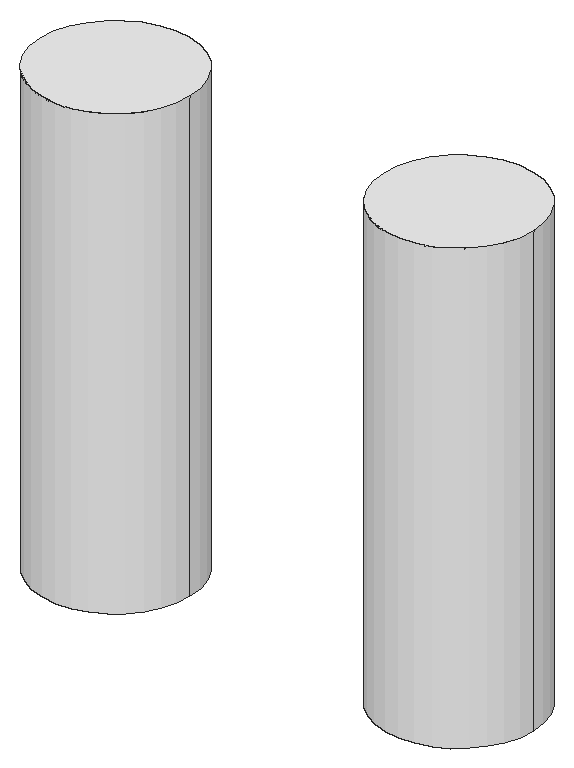
Revit family "54472207(2022)", category Plumbing Fixtures, Revit 2020
Family settings
  Round Connector Dimension = Use Diameter
  Part Type = Normal
  OmniClass Number = 23.45.55.00
  OmniClass Title = Sanitary Faucets, Wastes
  Work Plane-Based = No
  Always vertical = Yes
  Cut with Voids When Loaded = No
  Shared = No
  Room Calculation Point = No
Parameters (values of type "54472207 High washbasin faucet")
  Working Pressure = "50 - 1000 kPa"
  WarrantyStartDate [instance] = "n/a"
  WarrantyGuarantorParts = "n/a"
  WarrantyGuarantorLabor = "n/a"
  WarrantyDurationUnit = "Year"
  WarrantyDurationParts = "n/a"
  WarrantyDurationLabor = "n/a"
  WarrantyDescription = "http://warranty.hansa.com"
  Warranty Information URL = "http://warranty.hansa.com"
  VersionDate = "01/06/2023"
  Version = "1"
  ValvePattern = "n/a"
  ValveOperation = "n/a"
  ValveMechanism = "n/a"
  Uniclass2015Reference = "Pr_40_20_87_96"
  Uniclass2015Description = "Washbasin manual water supply sets"
  Uniclass2 = "Pr_40_30_96_96"
  URL UWL = "http://static.hansa.com/UWL/54472207"
  URL REACH = "http://static.hansa.com/doc/reach"
  URL Materials Declaration = "http://www.hansa.com/fileadmin/resources/168420_54472207_materialsdeclaration.pdf"
  URL Environmental Product Declaration EPD = "http://www.hansa.com/fileadmin/resources/184523_EPD_Washbasin faucet.pdf"
  URL EcoLabel Declaration = "http://static.hansa.com/doc/EcoLabel"
  URL EU Packaging Declaration = "http://static.hansa.com/doc/packaging"
  URL Declaration of SCIP = "http://static.hansa.com/doc/SCIP"
  URL Declaration of Conformity = "http://static.hansa.com/DoC/54472207"
  URL Declaration of Asbestos = "http://static.hansa.com/doc/asbestos"
  URL Declaration Of Performance (DOP) = "http://static.hansa.com/doc/DoP"
  URL = ""
  UNSPSC Class Number = "30181700 Faucets or taps"
  Type Comments = ""
  TestPressure = "n/a"
  Temperature Adjustments = "Limitation option for maximum temperature and flow-rate ;Adjustable hot water stop (included, retrofittable)"
  Technical DataSheet URL = "http://www.hansa.com/datasheet/54472207/en"
  TagNumber [instance] = "n/a"
  SustainabilityPerformance = "n/a"
  Surface treatment = "Chrome"
  Spout Type = "Fixed spout"
  Spout Projection = "168 mm"
  Spare-Part Information URL = "http://static.hansa.com/sp/54472207"
  Size = "50x205x320 mm"
  Shape = "Sculptured"
  SerialNumber [instance] = "n/a"
  Sales Package dimensions (LxWxH) = "620 x 330 x 90"
  Revision = "n/a"
  ReplacementCost = "n/a"
  ProductInformation = "n/a"
  Product URL = "http://static.hansa.com/54472207"
  Product Image URL = "http://static.hansa.com/image/54472207"
  Product Family = "HANSAVANTIS Style "
  Product Code = "54472207"
  OperatingMechanismMaterial = "n/a"
  NominalWidth = 50 mm
  NominalHeight = 317.696 mm
  NominalDepth = 204.007 mm
  Noise Class = "I (ISO 3822)"
  Name_en = "54472207 High washbasin faucet"
  Name = "54472207 High washbasin faucet"
  NBSReference = "45-35-70/371"
  NBSDescription = "Water supply fittings for wash basins and troughs"
  Mounting Holes = "1 hole"
  ModelReference = "54472207"
  ModelNumber = "n/a"
  Model = "54472207 High washbasin faucet"
  Mobile Product Information URL = "http://mpi.hansa.com/54472207"
  Mechanical Parts = "30Cartridge"
  Max. Hot Water Supply = 70 °C
  Material = "Brass"
  Market = "International;Germany;Austria;Belgium;Netherlands;Czech Republic;Slovakia;Italy"
  ManufacturerURL = "http://www.hansa.com"
  ManufacturerName = "HANSA"
  Manufacturer = "HANSA"
  Lever Handle = "Single operating lever/handle;Pin shape;Hot/Cold symbols"
  Keynote = ""
  Interactive AR View URL = "https://static.hansa.com/AR/54472207"
  InstallationDate [instance] = "n/a"
  Installation and Maintenance Guide URL = "http://static.hansa.com/manual/54472207"
  Installation Type = "Deck mounted"
  InletConnectionSize = 10 mm
  IfcExportType = "FAUCET"  # constant formula
  IfcExportAs = "IfcValveType"  # constant formula
  Group = "Washbasin faucet"
  Grade = "n/a"
  FlowCoefficient = 0
  Flow Rate At 300kPa With Flow Controller = 0.01 L/s
  Flow Drawing URL = "http://static.hansa.com/flowchart/54472207"
  Finish = "Polished"
  Features = "Single-lever"
  FaucetMainMaterial = Brass
  FDV Document URL = "http://www.hansa.com/datasheet/54472207/en/fdv"
  ExpectedLife = "n/a"
  Excluded Items = "Without pop-up waste"
  ETIM Class Number = "EC011328 Washbasin mixing tap"
  EN Standard = "EN 817"
  EAN Number = "4057304017483"
  DurationUnit = "Year"
  Dimension Drawing URL = "http://static.hansa.com/dimdrw/54472207"
  Description = ""
  DefaultElevation [instance] = 900 mm
  Default Elevation = 0 mm
  Constituents = "n/a"
  Connection Size = "G3/8"
  Connection = "Flexible inlet pipes"
  Color = "Chrome"
  CodePerformance = "n/a"
  CloseOffRating = 0
  Category = "Washbasin"
  Catalog Drawing URL = "http://static.hansa.com/catdrw/54472207"
  CO2 Emissions (D) = -8.01
  CO2 Emissions (C4) = 0.08
  CO2 Emissions (C3) = 0.02
  CO2 Emissions (C2) = 0.02
  CO2 Emissions (B7) = 1854
  CO2 Emissions (A4) = 0.31
  CO2 Emissions (A1-A3) = 11.27
  Brand = "HANSA"
  BodyMaterial = "Brass"
  Barcode [instance] = "n/a"
  Backflow Prevention EN1717 = "AA"
  BIMObjectName = "54472207(2022)"
  Author = "BIMStone"
  AssetType = "Fixed"
  AssetIdentifier [instance] = "n/a"
  Aerator = "Standard aerator;PCA® - constant flow rate regardless of pressure variations"
  Advanced Features = "Inner body made of DZR brass"
  AccessibilityPerformance = "n/a"
  3D View = "https://static.hansa.com/AR/54472207"
  2D/3D/BIM Files URL = "http://static.hansa.com/bim/54472207"
Reference planes
  plane 1 "Center (Front/Back)": y = 0
  plane 2: z = 0
  plane 3 "Center (Left/Right)": x = 0
  plane 4: x = -25
  plane 5: z = 900
  plane 6: z = 870
  plane 7: y = -204.007
  plane 8: x = 25
  plane 9: z = 1217.696
Forms (mm)
  Extrusion 1, solid, material "Brass" <- "FaucetMainMaterial"
    sketch origin (0, -2.393, 0) x (1, 0, 0) y (0, 1, 0)
      loop
        circle (-11.5, -22.5) r 5
      loop
        circle (11.5, -22.5) r 5
    from 870 to 900
Dimensions and locks
  "DefaultElevation": plane 5 to level
  locked: plane 5 to plane 6 at 30
  "NominalDepth": plane 7 to plane 1 "Center (Front/Back)"
  equal spacing: plane 4, plane 3 "Center (Left/Right)", plane 8
  "NominalHeight": plane 9 to plane 5
  "NominalWidth": plane 4 to plane 8
  "InletConnectionSize": diameter of Extrusion 1 sketch curve  (x2)
  aligned and locked: level to plane 2
  aligned and locked: plane 5 to Extrusion 1
  aligned and locked: Extrusion 1 to plane 6
  aligned and locked: nested 2 to plane 5
  aligned and locked: plane 1 "Center (Front/Back)" to nested 2
  aligned and locked: plane 3 "Center (Left/Right)" to nested 2
  aligned and locked: plane 3 "Center (Left/Right)" to nested 1
  aligned and locked: plane 1 "Center (Front/Back)" to nested 1
Automatic sketch dimensions
  Extrusion 1 sketch curve to plane 3 "Center (Left/Right)" = 11.5 mm
  plane 3 "Center (Left/Right)" to Extrusion 1 sketch curve = 11.5 mm
  plane 1 "Center (Front/Back)" to Extrusion 1 sketch curve = 24.893 mm  (x2)
Nested families
  nested 1: "Symbol" at (0, 0, 0), type "Symbol", detail levels coarse
  nested 2: "54472207_Body" at (0, 0, 900), Material <- "FaucetMainMaterial", type "54472207_Body"
    with Material Brass
Connectors
  piping at (-11.5, -24.893, 870), diameter 10, driven by "InletConnectionSize"
    settings: on Extrusion 1, index 1, connector inside diameter 609.6 mm, connector length 0 mm, flow factor 0, pipe flow 0.2 L/s, pressure drop 0.0 Pa, fitting loss kfactor 0, connector angle 0.00°, fixture units 0, engagement length 0 mm, angle of deflection 0.00°, flow configuration 1, flow direction 1, fitting loss method 0, system type 19, joint type 0, gender type 0, connector reference index -1, connector utility 0, adjustable connector no, is connector primary yes, connector description ""
  piping at (11.5, -24.893, 870), diameter 10, driven by "InletConnectionSize"
    settings: on Extrusion 1, index 2, connector inside diameter 609.6 mm, connector length 0 mm, flow factor 0, pipe flow 0.2 L/s, pressure drop 0.0 Pa, fitting loss kfactor 0, connector angle 0.00°, fixture units 0, engagement length 0 mm, angle of deflection 0.00°, flow configuration 1, flow direction 1, fitting loss method 0, system type 20, joint type 0, gender type 0, connector reference index -1, connector utility 0, adjustable connector no, is connector primary no, connector description ""
Definition of nested family "Symbol"
  Reference planes
    plane 1: y = 0
    plane 2: x = 0
  Lines and regions (mm)
    detail lines
      curve 1: line (0, 0, 0) -> (0, -1.8, 0)
      curve 2: line (-0.4, -1.1, 0) -> (0.4, -1.1, 0)
      curve 3: line (-0.4, -1.4, 0) -> (0.4, -1.4, 0)
      curve 4: line (0.863, 0, 0) -> (-0.863, 0, 0)
      curve 5: circle (-1.163, 0, 0) r 0.3 normal (0, 0, -1)
      curve 6: circle (1.163, 0, 0) r 0.3 normal (0, 0, 1)
